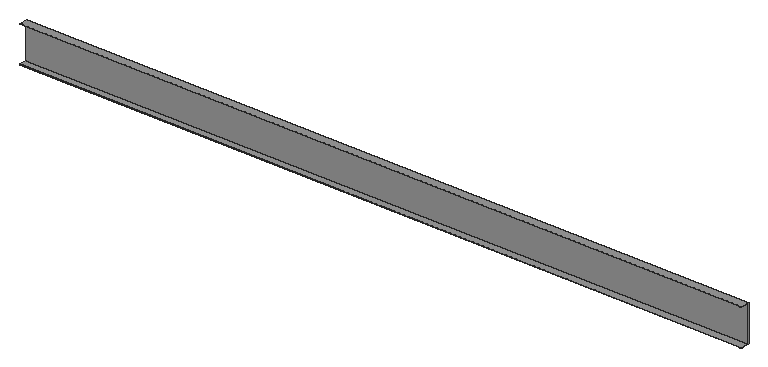
Revit family "TFG_CFS_Plate", category Structural Framing, Revit 2025
Family settings
  Section Shape = Not Defined
  Material for Model Behavior = Steel
  Always export as geometry = No
  Always vertical = Yes
  Cut with Voids When Loaded = No
  Symbolic Representation = From Project Settings
  Shared = No
  Show family pre-cut in plan views = Yes
Parameters (values of type "600T125-54(50)")
  tf = 0' - 0 7/128"
  Xcg = bf / 2  # 0' - 0 5/8"
  Weight = 1.63 lbf/ft
  URL = "http://www.clarkdietrich.com/products/curtain-wall-framing/structural-track"
  Structural Material [instance] = Steel, Galvanized
  Short Tag = ""
  Product Submittal Link = "http://submittalpro.clarkdietrich.com/index.php?page=select_product&form_data[category]=exterior_framing&form_data[active_product]=structural_stud"
  Product Info = "54mils (16ga) (50ksi)"
  Model = "V3"
  Manufacturer = "ClarkDietrich Building Systems"
  Long Tag = ""
  Keynote = "05.40.00"
  Description = "ClarkDietrich Structural Track"
  Assembly Code = "C1010.9285"
  Length [instance] = 10' - 0"
  bf = 0' - 1 1/4"
  d = 0' - 6"
Types (2): name | Weight | d
  600T125-54(50) | 1.63 lbf/ft | 0' - 6"
  350T125-54(50) | 1.12 lbf/ft | 0' - 3 1/2"
Reference planes (in)
  plane 1 "Center (Front/Back)": y = -0.00781
  plane 2: z = 0
  plane 3 "Center (Left/Right)": x = 0.1815
  plane 4 "Top": z = 3.05469
  plane 5: z = -3.05469
  plane 6 "Left": x = -29.8185
  plane 7 "Right": x = 90.1815
  plane 8: y = -0.63281
  plane 9: y = 0.61719
  plane 10: y = 0.5625
  plane 11: z = 3
  plane 12: z = -3
Forms (in)
  Extrusion 1, solid, material "Steel, Galvanized" <- "Structural Material", detail levels medium+fine
    sketch origin (-29.8185, 0.02734, 0.16016) x (0, -1, 0) y (0, 0, 1)
      loop
        line (0.66016, 2.89453) -> (-0.58984, 2.89453) -> (-0.58984, -3.21484) -> (0.66016, -3.21484) -> (0.66016, -3.16016) -> (-0.53516, -3.16016) -> (-0.53516, 2.83984) -> (0.66016, 2.83984) -> (0.66016, 2.89453)
    from -120 to 0
Lines and regions (in)
  model lines, style "BIMSF.Framing", detail levels coarse
    curve 1: line (-29.8185, -0.00781, 0) -> (90.1815, -0.00781, 0)
Dimensions and locks (in)
  "d": plane 12 to plane 11
  equal spacing: plane 5, plane 2, plane 4 "Top"
  "Length": plane 6 "Left" to plane 7 "Right"
  "bf": plane 9 to plane 8
  equal spacing: plane 9, plane 1 "Center (Front/Back)", plane 8
  "tf": plane 4 "Top" to plane 11
  "tf": plane 12 to plane 5
  "tf": plane 9 to plane 10
  aligned and locked: Extrusion 1 sketch curve to plane 4 "Top"
  aligned and locked: plane 8 to Extrusion 1 sketch curve  (x2)
  aligned and locked: Extrusion 1 sketch curve to plane 11
  aligned and locked: plane 10 to Extrusion 1 sketch curve
  aligned and locked: plane 12 to Extrusion 1 sketch curve
  aligned and locked: plane 5 to Extrusion 1 sketch curve
  aligned and locked: Extrusion 1 sketch curve to plane 9
  aligned and locked: plane 2 to level
  aligned and locked: Extrusion 1 to plane 7 "Right"
  aligned and locked: plane 6 "Left" to Extrusion 1
  aligned and locked: plane 1 "Center (Front/Back)" to curve 1
  aligned and locked: plane 6 "Left" to curve 1
  aligned and locked: plane 7 "Right" to curve 1
